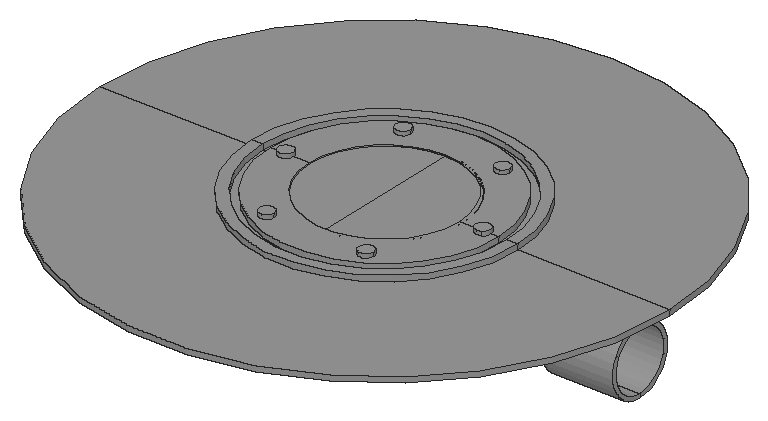
Revit family "HL_Трап для балконов и террас_HL90KH", category Instalační zařizovací předměty, Revit 2020
Family settings
  Kóta kulaté spojky = Použít průměr
  Typ dílu = Normální
  Číslo OmniClass = 23.70.50.21.24.14
  Nadpis OmniClass = Deck Waste Water Drains
  Založené na pracovní rovině = Ne
  Vždy vertikální = Ano
  Ořezat dutým tvarem při načtení = Ne
  Sdílené = Ne
  Bod výpočtu místnosti = Ano
Parameters (values of type "HL_Трап для балконов и террас_HL90KH")
  РАЗМЕР = "DN 40/50"
  ПРОПУСКНАЯ СПОСОБНОСТЬ [instance] = 0.0 L/s
  ПРОИЗВОДИТЕЛЬНОСТЬ = "0,60 l/s"
  ПРАВОВАЯ ИНФОРМАЦИЯ = "\"Авторские права(©), права на дизайн или какие либо другие права интелектуальной собственности являются исключительной собственностью компании HL Hutterer & Lechner. Изменению не подлежит. Файл семейства с данными о прозводителе изделия защищен паролем с водяным знаком.\""
  НОМИНАЛЬНЫЙ ДИАМЕТР [instance] = 50 mm
  МАТЕРИАЛ = "PP/Bitumen"
  ВЫСОТА МОНТАЖА = "61 mm"
  ВЕС = "1,1 kg"
  Výrobce = "HL Hutterer & Lechner GmbH"
  Výchozí výška = 0 mm
  URL = "http://www.hutterer-lechner.com/ru/products/catalog/roof-drains/HL90KH.aspx"
  Материал плитка [instance] = none
  Přípoj ventilace = no
  Přípoj odpadních dílů = yes
  Přípoj HW = no
  Přípoj CW = no
  Popis = "Трап для балконов и террас"
  Model = "HL90KH"
  Assembly Code = " "
  Komentáře k typům = "Корпус трапа DN40/50 с полимербитумным полотном"
  Keynote = "HL90KH"
  IH [instance] = Высота монтажа 1 + Высота монтажа 2  # 0 mm
  Высота монтажа 2 [instance] = 0 mm
  Высота монтажа 1 [instance] = 0 mm
  G [instance] = 90.00°  # constant formula
  EAN = "9003076036998"
  D [instance] = if(НОМИНАЛЬНЫЙ ДИАМЕТР = 50 mm, 188 mm, 130 mm)  # 188 mm
  C [instance] = if(IH - 68 mm < 0 mm, 0 mm, IH - 68 mm)  # 0 mm
  B [instance] = IH + 41 mm  # 41 mm
  A [instance] = if(B - 100 mm > 15 mm, B - 100 mm, 15 mm)  # 15 mm
Reference planes
  plane 1 "Center (Front/Back)": y = 0
  plane 2: z = 0
  plane 3 "Center (Left/Right)": x = 0
  plane 4: z = -41
  plane 5: z = 0
  plane 6: z = 0
Lines and regions (mm)
  model lines, style "InvisibleLines"
    curve 1: line (0, 0, 0) -> (0, 0, 20)
  model lines, style "PlumbingFixtures", detail levels coarse+medium
    curve 2: line (0, 0, -41) -> (0, 0, -26)
    curve 3: line (0, 0, -26) -> (-26, 0, 0)
    curve 4: line (0, 0, -26) -> (26, 0, 0)
    curve 6: line (0, 0, -41) -> (188, 0, -41)
  reference lines, not visible
    curve 5: line (0, 0, -41) -> (188, 0, -41)
  symbolic lines, style "PlumbingFixtures", detail levels coarse+medium
    curve 7: line (-75, 75, 0) -> (75, 75, 0)
    curve 8: line (-75, -75, 0) -> (-75, 75, 0)
    curve 9: line (75, -75, 0) -> (-75, -75, 0)
    curve 10: line (75, 75, 0) -> (75, -75, 0)
    curve 11: line (-75, 75, 0) -> (-145.711, 145.711, 0)
    curve 12: line (75, 75, 0) -> (145.711, 145.711, 0)
    curve 13: line (-75, -75, 0) -> (-145.711, -145.711, 0)
    curve 14: line (75, -75, 0) -> (145.711, -145.711, 0)
  symbolic lines, style "PlumbingFixtures", not visible, detail levels coarse+medium
    curve 15: line (-75, 75, 0) -> (75, 75, 0)
    curve 16: line (-75, -75, 0) -> (-75, 75, 0)
    curve 17: line (75, -75, 0) -> (-75, -75, 0)
    curve 18: line (75, 75, 0) -> (75, -75, 0)
    curve 19: line (-75, 75, 0) -> (-145.711, 145.711, 0)
    curve 20: line (75, 75, 0) -> (145.711, 145.711, 0)
    curve 21: line (-75, -75, 0) -> (-145.711, -145.711, 0)
    curve 22: line (75, -75, 0) -> (145.711, -145.711, 0)
Text (mm)
  text "FLOOR" at (-162.344, 0, -10.979), in view "вид строительства"
Dimensions and locks
  "B": plane 2 to plane 4
  "IH": plane 2 to plane 5
  "A": curve 4 to plane 4
  "D": curve 5 to curve 5
  "D": curve 6 to curve 6
  "Высота монтажа 1": plane 2 to plane 6
  locked: curve 4 to plane 3 "Center (Left/Right)" (angle 45.00°)
  locked: plane 3 "Center (Left/Right)" to curve 3 (angle 45.00°)
  "G": angle curve 5 to plane 3 "Center (Left/Right)"
  aligned and locked: level to plane 2
  aligned and locked: plane 2 to curve 4
  aligned and locked: plane 2 to curve 3
  aligned and locked: plane 4 to curve 5
  aligned and locked: plane 3 "Center (Left/Right)" to curve 5
  aligned and locked: plane 4 to curve 2
  aligned and locked: curve 6 to plane 3 "Center (Left/Right)"
  aligned and locked: curve 6 to plane 4
  aligned and locked: nested 1 to plane 5
  aligned and locked: plane 3 "Center (Left/Right)" to nested 1
  aligned and locked: nested 2 to plane 2
  aligned and locked: plane 3 "Center (Left/Right)" to nested 2
Automatic sketch dimensions
  curve 2 to plane 3 "Center (Left/Right)" = 0 mm
  curve 1 to plane 3 "Center (Left/Right)" = 0 mm
  curve 1 to level = 0 mm
  level to curve 1 = 20 mm
Nested families
  nested 1: "HL-Корпус трапа-HL90KH" at (0, 0, 4), DN <- "НОМИНАЛЬНЫЙ ДИАМЕТР", type "HL-Корпус трапа-HL90KH"
    with V 0 mm, DN 50 mm
  nested 2: "HL-Вспомогательные материалы-Противопожарная защита-HL181" at (0, 0, -24.316), type "HL-Вспомогательные материалы-Противопожарная защита-HL181"
Connectors
  piping at (188, 0, -41), diameter 50, driven by "ПРОПУСКНАЯ СПОСОБНОСТЬ", driven by "НОМИНАЛЬНЫЙ ДИАМЕТР"
    settings: on curve 5, index 1, connector inside diameter 609.6 mm, connector length 0 mm, flow factor 0, pipe flow 0.0 L/s, pressure drop 0.0 Pa, fitting loss kfactor 0, connector angle 0.00°, fixture units 0, engagement length 0 mm, angle of deflection 0.00°, flow configuration 1, flow direction 2, fitting loss method 0, system type 16, joint type 0, gender type 0, connector reference index -1, connector utility 0, adjustable connector yes, is connector primary yes, connector description ""
Definition of nested family "HL-Корпус трапа-HL90KH"
  Parameters (values of type "HL-Корпус трапа-HL90KH")
    РАЗМЕР = "DN 40/50"
    ПРОИЗВОДИТЕЛЬНОСТЬ = "0,60 l/s"
    ПРАВОВАЯ ИНФОРМАЦИЯ = "\"Авторские права(©), права на дизайн или какие либо другие права интелектуальной собственности являются исключительной собственностью компании HL Hutterer & Lechner. Изменению не подлежит. Файл семейства с данными о прозводителе изделия защищен паролем с водяным знаком.\""
    МАТЕРИАЛ = "PP/Bitumen"
    ВЫСОТА МОНТАЖА = "61 mm"
    ВЕС = "1,1 kg"
    Default Elevation = 0 mm
    V [instance] = if(DN = 40 mm, -58 mm, 0 mm)  # 0 mm
    вентиляционный соединение = no
    Отходы связи = yes
    HW соединение = no
    CW соединение = no
    Manufacturer = "HL Hutterer & Lechner GmbH"  # constant formula
    URL = "http://www.hutterer-lechner.com/ru/products/catalog/roof-drains/HL90KH.aspx"
    Description = "Корпус трапа"
    Model = "HL90KH"
    Материал = none
    Type Comments = "Корпус трапа DN40/50 с полимербитумным полотном"
    Keynote = "HL90KH"
    EAN = "9003076036998"
    DN [instance] = 50 mm
  Reference planes
    plane 1 "Center (Front/Back)": y = 0
    plane 2: z = 0
    plane 3 "Center (Left/Right)": x = 0
    plane 4 "Ball Joint Vertical": x = 25.45
  Forms (mm)
    Revolve 1, solid, material <- "Материал", detail levels fine
      sketch origin (0, 0, -7.995) x (-1, 0, 0) y (0, 0, 1)
        loop
          line (-188, -12) -> (-188, -15) -> (-136.243, -15) -> (-131.243, -20) -> (-41.649, -20) -> (-41.649, -17) -> (-130, -17) -> (-135, -12) -> (-188, -12)
        axis (-188, -37) -> (-41.649, -37)
      angle from 0 to 360
    Revolve 2, solid, material <- "Материал", detail levels fine
      sketch origin (0, 0, 0) x (-1, 0, 0) y (0, 0, 1)
        loop
          line (97.867, -4) -> (97.867, 0) -> (90, 0) -> (90, -4) -> (84.001, -4) -> (84.001, 0) -> (55.35, 0) -> (55.35, -20) -> (51, -20) -> (51, -55)
          arc (51, -55) -> (48.95, -59.95) -> (44, -62) r 7
          line (44, -62) -> (0, -62) -> (0, -65) -> (44, -65)
          arc (44, -65) -> (51.071, -62.071) -> (54, -55) r 10
          line (54, -55) -> (54, -24.5) -> (58.5, -24.5) -> (58.5, -15) -> (92.885, -15) -> (92.885, -12) -> (99.787, -12) -> (99.787, -8) -> (209.918, -8) -> (209.918, -4) -> (97.867, -4)
        axis (0, 0) -> (0, -65)
      angle from 0 to 360
    Revolve 3, void
      sketch origin (0, 0, 0) x (-1, 0, 0) y (0, 0, 1)
        loop
          line (26, -61.304) -> (44, -61.304)
          arc (44, -61.304) -> (48.95, -59.254) -> (51, -54.304) r 7
          line (51, -54.304) -> (51, -20) -> (55.35, -20) -> (55.35, -14.5) -> (41, -14.5) -> (41, -44) -> (26, -44) -> (26, -61.304)
        axis (0, -14.5) -> (0, -61.304)
      angle from 0 to 360
    Extrusion 4, void
      sketch origin (0, 0, -7.995) x (0, -1, 0) y (0, 0, 1)
        loop
          circle (0, -37) r 17
      from -36.616 to -121.62
    Extrusion 5, void
      sketch origin (188, 0, -44.995) x (0, 0, 1) y (0, -1, 0)
        loop
          line (-38, -37.5) -> (37, -37.5) -> (37, 37.5) -> (-38, 37.5) -> (-38, -37.5)
      from 0 <- "V" to 10
    Extrusion 6, solid, material <- "Материал", detail levels fine
      sketch origin (0, 0, 0) x (1, 0, 0) y (0, 1, 0)
        loop
          arc (58.232, 5.084) -> (58.501, -0.253) -> (58.232, -5.589) r 53.219
          line (58.232, -5.589) -> (72.7, -5.589)
          arc (72.7, -5.589) -> (78.037, -0.253) -> (72.7, 5.084) r 5.337
          line (72.7, 5.084) -> (58.232, 5.084)
        loop
          line (-24.714, 52.973) -> (-31.947, 65.502)
          arc (-31.947, 65.502) -> (-39.237, 67.455) -> (-41.191, 60.165) r 5.337
          line (-41.191, 60.165) -> (-33.957, 47.636)
          arc (-33.957, 47.636) -> (-29.469, 50.537) -> (-24.714, 52.973) r 53.219
        loop
          arc (-24.714, -52.973) -> (-29.469, -50.537) -> (-33.957, -47.636) r 53.219
          line (-33.957, -47.636) -> (-41.191, -60.165)
          arc (-41.191, -60.165) -> (-39.237, -67.455) -> (-31.947, -65.502) r 5.337
          line (-31.947, -65.502) -> (-24.714, -52.973)
        loop
          arc (24.714, 52.973) -> (29.469, 50.537) -> (33.957, 47.636) r 53.219
          line (33.957, 47.636) -> (41.191, 60.165)
          arc (41.191, 60.165) -> (39.237, 67.455) -> (31.947, 65.502) r 5.337
          line (31.947, 65.502) -> (24.714, 52.973)
        loop
          line (24.714, -52.973) -> (31.947, -65.502)
          arc (31.947, -65.502) -> (39.237, -67.455) -> (41.191, -60.165) r 5.337
          line (41.191, -60.165) -> (33.957, -47.636)
          arc (33.957, -47.636) -> (29.469, -50.537) -> (24.714, -52.973) r 53.219
        loop
          circle (-72.7, -0.253) r 5.337
      from -15 to -31.001
    Extrusion 7, solid, material <- "Материал", detail levels fine
      sketch origin (0, 0, 0) x (1, 0, 0) y (0, 1, 0)
        loop
          circle (-36.569, 62.834) r 5.337
        loop
          circle (72.7, -0.253) r 5.337
        loop
          circle (-36.569, -62.834) r 5.337
        loop
          circle (36.569, -62.834) r 5.337
        loop
          circle (-72.7, -0.253) r 5.337
        loop
          circle (36.569, 62.834) r 5.337
      from 0 to 2.5
  Cuts and joins
    Extrusion 4, Extrusion 5 cuts Revolve 1
  Lines and regions (mm)
    model lines, detail levels fine
      curve 1: line (-18.25, -16.225, -61.304) -> (-9.75, -16.225, -61.304)
      curve 2: line (-15.625, -14.475, -61.304) -> (-18.25, -14.475, -61.304)
      curve 3: line (-9.75, -14.475, -61.304) -> (-12.375, -14.475, -61.304)
      curve 4: line (-12.375, -9.975, -61.304) -> (-9.75, -9.975, -61.304)
      curve 5: line (-18.25, -9.975, -61.304) -> (-15.625, -9.975, -61.304)
      curve 6: line (-9.75, -8.225, -61.304) -> (-18.25, -8.225, -61.304)
      curve 7: line (-14.875, -10.725, -61.304) -> (-14.875, -13.725, -61.304)
      curve 8: line (-13.125, -13.725, -61.304) -> (-13.125, -10.725, -61.304)
      curve 9: line (-18.25, -6.425, -61.304) -> (-9.75, -6.425, -61.304)
      curve 10: line (-11.5, -4.675, -61.304) -> (-18.25, -4.675, -61.304)
      curve 11: line (-10.75, -0.675, -61.304) -> (-10.75, -3.925, -61.304)
      curve 12: line (-9, -5.675, -61.304) -> (-9, -0.675, -61.304)
      curve 13: line (-18, 2.675, -61.304) -> (-14.325, 2.675, -61.304)
      curve 14: line (-19, 7.425, -61.304) -> (-19, 3.675, -61.304)
      curve 15: line (-10, 8.425, -61.304) -> (-18, 8.425, -61.304)
      curve 16: line (-10.75, 5.925, -61.304) -> (-10.75, 3.425, -61.304)
      curve 17: line (-9, 3.425, -61.304) -> (-9, 7.425, -61.304)
      curve 18: line (-12.575, 6.675, -61.304) -> (-11.5, 6.675, -61.304)
      curve 19: line (-13.325, 3.675, -61.304) -> (-13.325, 5.925, -61.304)
      curve 20: line (-11.5, 11.975, -61.304) -> (-16.5, 11.975, -61.304)
      curve 21: line (-10.75, 13.725, -61.304) -> (-10.75, 12.725, -61.304)
      curve 22: line (-16.5, 14.475, -61.304) -> (-11.5, 14.475, -61.304)
      curve 23: line (-17.25, 12.725, -61.304) -> (-17.25, 13.725, -61.304)
      curve 24: line (-19, 13.725, -61.304) -> (-19, 12.725, -61.304)
      curve 25: line (-16.5, 10.225, -61.304) -> (-11.5, 10.225, -61.304)
      curve 26: line (-9, 12.725, -61.304) -> (-9, 13.725, -61.304)
      curve 27: line (-11.5, 16.225, -61.304) -> (-16.5, 16.225, -61.304)
      curve 28: arc (-12.375, -14.475, -61.304) -> (-12.905, -14.255, -61.304) -> (-13.125, -13.725, -61.304) r 0.75
      curve 29: arc (-14.875, -13.725, -61.304) -> (-15.095, -14.255, -61.304) -> (-15.625, -14.475, -61.304) r 0.75
      curve 30: arc (-14.875, -10.725, -61.304) -> (-15.095, -10.195, -61.304) -> (-15.625, -9.975, -61.304) r 0.75
      curve 31: arc (-13.125, -10.725, -61.304) -> (-12.905, -10.195, -61.304) -> (-12.375, -9.975, -61.304) r 0.75
      curve 32: arc (-9.75, -6.425, -61.304) -> (-9.22, -6.205, -61.304) -> (-9, -5.675, -61.304) r 0.75
      curve 33: arc (-11.5, -4.675, -61.304) -> (-10.97, -4.455, -61.304) -> (-10.75, -3.925, -61.304) r 0.75
      curve 34: arc (-15.075, 5.175, -61.304) -> (-15.295, 4.645, -61.304) -> (-15.825, 4.425, -61.304) r 0.75
      curve 35: arc (-16.5, 4.425, -61.304) -> (-17.03, 4.645, -61.304) -> (-17.25, 5.175, -61.304) r 0.75
      curve 36: arc (-17.25, 5.925, -61.304) -> (-17.03, 6.455, -61.304) -> (-16.5, 6.675, -61.304) r 0.75
      curve 37: arc (-15.825, 6.675, -61.304) -> (-15.295, 6.455, -61.304) -> (-15.075, 5.925, -61.304) r 0.75
      curve 38: arc (-18, 8.425, -61.304) -> (-18.707, 8.132, -61.304) -> (-19, 7.425, -61.304) r 1
      curve 39: arc (-19, 3.675, -61.304) -> (-18.707, 2.968, -61.304) -> (-18, 2.675, -61.304) r 1
      curve 40: arc (-14.325, 2.675, -61.304) -> (-13.618, 2.968, -61.304) -> (-13.325, 3.675, -61.304) r 1
      curve 41: arc (-12.575, 6.675, -61.304) -> (-13.105, 6.455, -61.304) -> (-13.325, 5.925, -61.304) r 0.75
      curve 42: arc (-11.5, 6.675, -61.304) -> (-10.97, 6.455, -61.304) -> (-10.75, 5.925, -61.304) r 0.75
      curve 43: arc (-9, 7.425, -61.304) -> (-9.293, 8.132, -61.304) -> (-10, 8.425, -61.304) r 1
      curve 44: arc (-16.5, 10.225, -61.304) -> (-18.268, 10.957, -61.304) -> (-19, 12.725, -61.304) r 2.5
      curve 45: arc (-11.5, 10.225, -61.304) -> (-9.732, 10.957, -61.304) -> (-9, 12.725, -61.304) r 2.5
      curve 46: arc (-9, 13.725, -61.304) -> (-9.732, 15.493, -61.304) -> (-11.5, 16.225, -61.304) r 2.5
      curve 47: arc (-11.5, 14.475, -61.304) -> (-10.97, 14.255, -61.304) -> (-10.75, 13.725, -61.304) r 0.75
      curve 48: arc (-10.75, 12.725, -61.304) -> (-10.97, 12.195, -61.304) -> (-11.5, 11.975, -61.304) r 0.75
      curve 49: arc (-16.5, 11.975, -61.304) -> (-17.03, 12.195, -61.304) -> (-17.25, 12.725, -61.304) r 0.75
      curve 50: arc (-17.25, 13.725, -61.304) -> (-17.03, 14.255, -61.304) -> (-16.5, 14.475, -61.304) r 0.75
      curve 51: arc (-16.5, 16.225, -61.304) -> (-18.268, 15.493, -61.304) -> (-19, 13.725, -61.304) r 2.5
      curve 52: line (-19, -15.225, -61.304) -> (-19, -15.475, -61.304)
      curve 53: arc (-18.25, -16.225, -61.304) -> (-18.78, -16.005, -61.304) -> (-19, -15.475, -61.304) r 0.75
      curve 54: arc (-19, -15.225, -61.304) -> (-18.78, -14.695, -61.304) -> (-18.25, -14.475, -61.304) r 0.75
      curve 55: line (-9, -15.225, -61.304) -> (-9, -15.475, -61.304)
      curve 56: arc (-9.75, -16.225, -61.304) -> (-9.22, -16.005, -61.304) -> (-9, -15.475, -61.304) r 0.75
      curve 57: arc (-9, -15.225, -61.304) -> (-9.22, -14.695, -61.304) -> (-9.75, -14.475, -61.304) r 0.75
      curve 58: line (-19, -9.225, -61.304) -> (-19, -8.975, -61.304)
      curve 59: arc (-18.25, -8.225, -61.304) -> (-18.78, -8.445, -61.304) -> (-19, -8.975, -61.304) r 0.75
      curve 60: arc (-19, -9.225, -61.304) -> (-18.78, -9.755, -61.304) -> (-18.25, -9.975, -61.304) r 0.75
      curve 61: line (-9, -9.225, -61.304) -> (-9, -8.975, -61.304)
      curve 62: arc (-9.75, -8.225, -61.304) -> (-9.22, -8.445, -61.304) -> (-9, -8.975, -61.304) r 0.75
      curve 63: arc (-9, -9.225, -61.304) -> (-9.22, -9.755, -61.304) -> (-9.75, -9.975, -61.304) r 0.75
      curve 64: line (-19, -5.675, -61.304) -> (-19, -5.425, -61.304)
      curve 65: arc (-18.25, -4.675, -61.304) -> (-18.78, -4.895, -61.304) -> (-19, -5.425, -61.304) r 0.75
      curve 66: arc (-19, -5.675, -61.304) -> (-18.78, -6.205, -61.304) -> (-18.25, -6.425, -61.304) r 0.75
      curve 67: line (-9.75, 0.075, -61.304) -> (-10, 0.075, -61.304)
      curve 68: arc (-9, -0.675, -61.304) -> (-9.22, -0.145, -61.304) -> (-9.75, 0.075, -61.304) r 0.75
      curve 69: arc (-10, 0.075, -61.304) -> (-10.53, -0.145, -61.304) -> (-10.75, -0.675, -61.304) r 0.75
      curve 70: line (-15.825, 4.425, -61.304) -> (-16.5, 4.425, -61.304)
      curve 71: line (-17.25, 5.175, -61.304) -> (-17.25, 5.925, -61.304)
      curve 72: line (-16.5, 6.675, -61.304) -> (-15.825, 6.675, -61.304)
      curve 73: line (-15.075, 5.925, -61.304) -> (-15.075, 5.175, -61.304)
      curve 74: line (-10, 2.675, -61.304) -> (-9.75, 2.675, -61.304)
      curve 75: arc (-9, 3.425, -61.304) -> (-9.22, 2.895, -61.304) -> (-9.75, 2.675, -61.304) r 0.75
      curve 76: arc (-10, 2.675, -61.304) -> (-10.53, 2.895, -61.304) -> (-10.75, 3.425, -61.304) r 0.75
  Text (mm)
    text "ROOF/FLOOR" at (-198.233, 0, -26.556), in view "вид строительства"
  Dimensions and locks
    locked: plane 4 "Ball Joint Vertical" to plane 3 "Center (Left/Right)" at 25.45
    plane 3 "Center (Left/Right)" to Revolve 2 sketch curve = 209.918 mm
    aligned and locked: level to plane 2
    aligned and locked: Revolve 2 to Extrusion 6
    aligned and locked: Extrusion 7 sketch curve to Extrusion 6
Definition of nested family "HL-Вспомогательные материалы-Противопожарная защита-HL181"
  Parameters (values of type "HL-Вспомогательные материалы-Противопожарная защита-HL181")
    ПРАВОВАЯ ИНФОРМАЦИЯ = "Авторские права(©), права на дизайн или какие либо другие права интелектуальной собственности являются исключительной собственностью компании HL Hutterer & Lechner. Изменению не подлежит. Файл семейства с данными о прозводителе изделия защищен паролем с водяным знаком."
    МАТЕРИАЛ = "PP"
    ВЕС = "0,044 [kg]"
    Manufacturer = "HL Hutterer & Lechner GmbH"
    Default Elevation = 0 mm
    URL = "http://www.hutterer-lechner.com/ru/products/catalog/roof-drains/HL181.aspx"
    Материал плитка = none
    Description = "Кровельные воронки"
    Model = "HL181"
    Type Comments = "HL181, Решётка-листвоуловитель для трапов для балконов и террас серии HL80, HL90 и HL310NK, HL510NK"
    Keynote = "HL181"
    Пропускная способность [instance] = 0.0 L/s
    EAN = "9003076028993"
    Cost = 0
  Reference planes
    plane 1 "Střed (vpředu/vzadu)": y = 0
    plane 2: z = 0
    plane 3 "Střed (vlevo/vpravo)": x = 0
  Forms (mm)
    Revolve 1, solid, detail levels fine
      sketch origin (0, 0, 0) x (0, 1, 0) y (0, 0, 1)
        loop
          line (55.35, 0) -> (55.35, 18.16) -> (61.008, 18.16) -> (61.008, 24.316) -> (57.324, 28) -> (0, 28) -> (0, 18.16) -> (45.972, 18.16) -> (49.174, 0) -> (55.35, 0)
        axis (0, 28) -> (0, 0)
      angle from 0 to 360
  Dimensions and locks
    aligned and locked: level to plane 2
